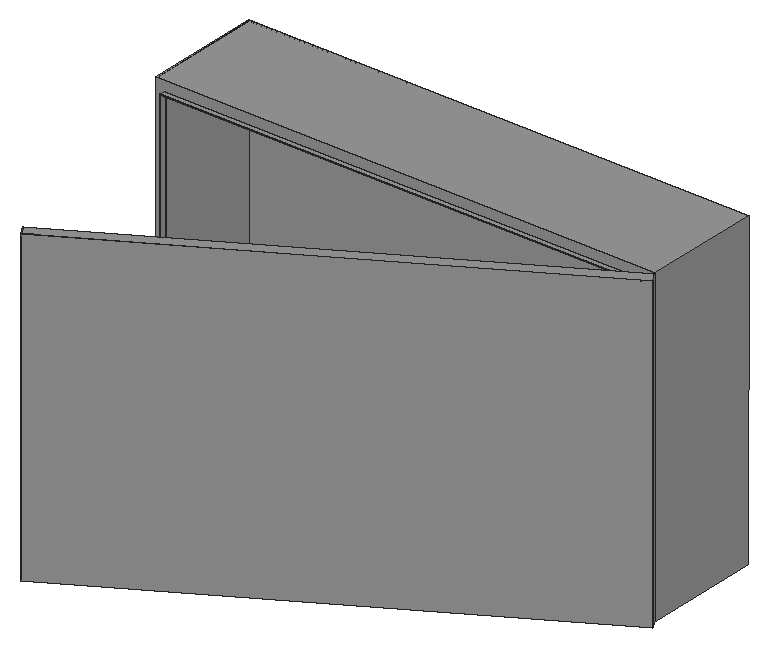
Revit family "Hager-Univers-IP54-D205-Cl.II-enclosure_metering-NoHosted-DE-de", category Equipement électrique, Revit 2020
Family settings
  Configuration du panneau = Deux colonnes, circuits au sein
  Cote de connecteur circulaire = Utiliser le diamètre
  Type d'élément = Tableau de raccordement
  Basée sur le plan de construction = Oui
  Toujours verticalement = Oui
  Couper avec des vides une fois chargée = Non
  Partagée = Non
  Point de calcul de pièce = Non
Parameters (values of type "Aufputz IP54 B800 H500 T205  - ZB013W")
  Width Control [instance] = if([EF000008 - Breite] > Min Width, [EF000008 - Breite], Min Width)  # 800 mm
  Commentaires du type = [HG000003 - Bereich]  # "Univers"
  Thickness Door [instance] = if([EF009171 - Materialstärke Tür/Deckel] > 3 mm, 3 mm, [EF009171 - Materialstärke Tür/Deckel])  # 1 mm
  Seal Frame Offset [instance] = 17 mm  # constant formula
  Plinth Visibility [instance] = [HG000027 - Sockelhöhe] > 0 mm  # no
  Min Width [instance] = 100 mm  # constant formula
  Min Depth [instance] = (2 * [EF009170 - Materialstärke Gehäuse]) + 1 mm  # 3 mm
  Min Height [instance] = 100 mm  # constant formula
  Internal Frame Depth [instance] = (Door System Depth * 0.5)  # 9 mm
  Panel Name [instance] = ""  # (empty or 0)
  Model = ""
  HG000027 - Sockelhöhe = 0 mm
  HG000026 - Stehend auf dem Boden = no
  HG000024 - Höhe des unteren Teils = 600 mm
  HG000023 - Gehäuse mit doppeltem Querschnitt = no
  HG000016 - 3D-Türsichtbarkeit [instance] = yes
  HG000015 - Sichtbarkeit der Türöffnung [instance] = no
  HG000014 - Tür rechts [instance] = yes
  HG000013 - Tür links [instance] = not([HG000014 - Tür rechts])  # no
  HG000012 - Türschwenkwinkel [instance] = 30.00°
  HG000010 - Asymmetrische Türen = no
  HG000009 - Doppelflügeligen Tür = no
  HG000006 - Unterputz = no
  HG000004 - Herstellerreferenz = "ZB013W"
  HG000003 - Bereich = "Univers"
  HG000002 - Mit tür = yes
  Frame Offset Bottom [instance] = 10 mm  # constant formula
  Frame Offset [instance] = 15 mm  # constant formula
  EF015940 - Deckel mit Überdruckentlastung = no
  EF011959 - Schutzart (NEMA) = ""
  EF009554 - Anzahl der Öffnungen für Flanschplatten = 0
  EF009212 - Ausführung Deckel = "EV000116 - geschlossen"
  EF009171 - Materialstärke Tür/Deckel = 1 mm
  EF009170 - Materialstärke Gehäuse = 1 mm
  EF008873 - Nennstrom (In) = 0 A
  EF007800 - Geeignet für Blitzschutz = no
  EF006306 - Mit Schloss = no
  EF006244 - Transparenter Deckel/Tür = no
  EF005474 - Schutzart (IP) = "EV006419 - IP54"
  EF004464 - Art der Tür = "EV003602 - Doppel"
  EF004427 - Anzahl der Module = 108
  EF004293 - Schlagfestigkeit = ""
  EF003532 - Geeignet für Außengebrauch = no
  EF002950 - Breite in Teilungseinheiten = 0
  EF001613 - Funktionserhalt = "EV000494 - ohne"
  EF001596 - Werkstoff des Gehäuses = "EV000179 - Stahl"
  EF001131 - Innentiefe = 0 mm
  EF001088 - Anbaumöglichkeit = yes
  EF000437 - Anzahl der Leitungseinführungen = 0
  EF000339 - Art der Abdeckung = "EV004216 - Tür"
  EF000266 - Anzahl der Reihen = 9
  EF000218 - Einbautiefe = 205 mm
  EF000118 - Mit Montageplatte = no
  EF000116 - RAL-Nummer = "9010"
  EF000049 - Tiefe = 205 mm
  EF000040 - Höhe = 500 mm
  EF000008 - Breite = 800 mm
  EF000007 - Farbe = "EV000202 - weiß"
  EF000003 - Montageart = "EV000384 - Aufputz"
  Door System Leaf Tolerance [instance] = 1.5 mm  # constant formula
  Door System Depth [instance] = 18 mm  # constant formula
  Door Height [instance] = Height Control - [HG000027 - Sockelhöhe]  # 500 mm
  Description = ""
  Default Elevation = 1219.2 mm
  Connector Offset [instance] = Height Control / 2  # 250 mm
  Fabricant = "Hager"  # constant formula
  Height Control [instance] = if([EF000040 - Höhe] > Min Height, [EF000040 - Höhe], Min Height)  # 500 mm
  Depth Control [instance] = if([EF000049 - Tiefe] > Min Depth, [EF000049 - Tiefe], Min Depth)  # 205 mm
  Bottom Top Plate Trim [instance] = 1.5 mm  # constant formula
  Plinth height Ctrl [instance] = if([HG000027 - Sockelhöhe] > 0 mm, [HG000027 - Sockelhöhe], 12 mm)  # 12 mm
Types (5, lengths in mm): name | Width Control | HG000004 - Herstellerreferenz | EF004464 - Art der Tür | EF004427 - Anzahl der Module | EF000266 - Anzahl der Reihen | EF000008 - Breite
  Aufputz IP54 B1050 H500 T205  - ZB014W | 1050 | "ZB014W" | "EV002646 - Einzel" | 144 | 12 | 1050
  Aufputz IP54 B1300 H500 T205  - ZB015W | 1300 | "ZB015W" | "EV002646 - Einzel" | 180 | 15 | 1300
  Aufputz IP54 B300 H500 T205  - ZB011W | 300 | "ZB011W" | "EV002646 - Einzel" | 36 | 3 | 300
  Aufputz IP54 B550 H500 T205  - ZB012W | 550 | "ZB012W" | "EV002646 - Einzel" | 96 | 8 | 550
  Aufputz IP54 B800 H500 T205  - ZB013W | 800 | "ZB013W" | "EV003602 - Doppel" | 108 | 9 | 800
Reference planes
  plane 1 "Center (Front/Back)": y = 0
  plane 2: z = 0
  plane 3 "Center (Left/Right)": x = 0
  plane 4: y = 0
  plane 5: y = 0
  plane 6: z = 0
  plane 7: x = -400
  plane 8: x = 400
  plane 9: x = 399
  plane 10: x = -399
  plane 11: z = 0
  plane 12: z = 1
  plane 13: y = -205
  plane 14: y = -1
  plane 15: x = 0
  plane 16: y = -187
  plane 17: y = -204
  plane 18: y = -186
  plane 19: x = -384
  plane 20: x = 384
  plane 21: z = 11
  plane 22: x = -383
  plane 23: x = 383
  plane 24: z = 0
  plane 25: z = 500
  plane 26: z = 500
  plane 27: z = 484
  plane 28: z = 499
Forms (mm)
  Extrusion 1, solid, material "Hager_Steel_RAL7035_Light_Grey", detail levels medium+fine
    sketch origin (-208.679, -4572, 0) x (-1, 0, 0) y (0, -1, 0)
      loop
        line (191.321, -4385) -> (-608.679, -4385) -> (-608.679, -4572) -> (191.321, -4572) -> (191.321, -4385)
    from 0 to 500
  Extrusion 2, void
    sketch origin (-350.771, -205, 1219.2) x (1, 0, 0) y (0, 0, 1)
      loop
        line (-48.229, -720.2) -> (-48.229, -1218.2) -> (749.771, -1218.2) -> (749.771, -720.2) -> (-48.229, -720.2)
    from -19 to -204
  Extrusion 3, void
    sketch origin (-290.084, -187, 1219.2) x (1, 0, 0) y (0, 0, 1)
      loop
        line (-93.916, -1208.2) -> (674.084, -1208.2) -> (674.084, -735.2) -> (-93.916, -735.2) -> (-93.916, -1208.2)
    from 0 to -1
  Extrusion 4, solid, material "Hager_Steel_RAL7035_Light_Grey", visible <- "Plinth Visibility", detail levels medium+fine
    sketch origin (0, 0, 0) x (1, 0, 0) y (0, 1, 0)
      loop
        line (-400, 0) -> (-400, -187) -> (400, -187) -> (400, 0) -> (-400, 0)
    from 0 to 12 <- "Plinth height Ctrl"
  Extrusion 5, solid, material "Hager_Steel_RAL7035_Light_Grey", detail levels coarse
    sketch origin (0, 0, 0) x (1, 0, 0) y (0, 1, 0)
      loop
        line (-400, 0) -> (-400, -205) -> (400, -205) -> (400, 0) -> (-400, 0)
    from 0 to 500 <- "Height Control"
  Sweep 6, void
    path in 3D
      loop
        line (-400, -187, 12) -> (400, -187, 12) -> (400, 0, 12) -> (-400, 0, 12) -> (-400, -187, 12)
    profile origin (-400, -93.5, 12) x (1, 0, 0) y (0, 0, 1)
      loop
        line (0, 0) -> (0, -1.5) -> (1.5, -1.5)
        arc (1.5, -1.5) -> (1.061, -0.439) -> (0, 0) r 1.5
  Extrusion 7, solid, material "Hager_Steel_RAL7035_Light_Grey", detail levels fine
    sketch origin (-400, -187, 0) x (1, 0, 0) y (0, 0, 1)
      loop
        line (16, 11) -> (784, 11) -> (784, 484) -> (16, 484) -> (16, 11)
      loop
        line (15, 10) -> (785, 10) -> (785, 485) -> (15, 485) -> (15, 10)
    from 0 to 9 <- "Internal Frame Depth"
Cuts and joins
  Extrusion 2, Extrusion 3 cuts Extrusion 1
  Sweep 6 cuts Extrusion 4
Lines and regions (mm)
  Masking region 1
    outline origin (0, 0, 0) x (1, 0, 0) y (0, 1, 0)
      loop
        line (-400, 0) -> (-400, -205) -> (400, -205) -> (400, 0) -> (-400, 0)
  Masking region 2, detail levels coarse
    outline origin (-290.084, -187, 1219.2) x (-1, 0, 0) y (0, 0, 1)
      loop
        line (-690.084, -1219.2) -> (109.916, -1219.2) -> (109.916, -719.2) -> (-690.084, -719.2) -> (-690.084, -1219.2)
  Masking region 3, detail levels coarse
    outline origin (0, 0, 0) x (0, 1, 0) y (0, 0, 1)
      loop
        line (0, 0) -> (0, 500) -> (-205, 500) -> (-205, 0) -> (0, 0)
  Masking region 4, visible <- "Plinth Visibility", detail levels medium+fine
    outline origin (0, 0, 0) x (0, 1, 0) y (0, 0, 1)
      loop
        line (-1.5, 12) -> (-185.5, 12)
        arc (-185.5, 12) -> (-185.939, 10.939) -> (-187, 10.5) r 1.5
        line (-187, 10.5) -> (-187, 0) -> (0, 0) -> (0, 10.5)
        arc (0, 10.5) -> (-1.061, 10.939) -> (-1.5, 12) r 1.5
  Masking region 5, detail levels medium+fine
    outline origin (0, 0, 594.038) x (0, 1, 0) y (0, 0, 1)
      loop
        line (0, -594.038) -> (0, -94.038) -> (-187, -94.038) -> (-187, -594.038) -> (0, -594.038)
  Masking region 6, detail levels medium+fine
    outline origin (-359.7, -187, 1211.883) x (-1, 0, 0) y (0, 0, 1)
      loop
        line (-759.7, -1211.883) -> (40.3, -1211.883) -> (40.3, -711.883) -> (-759.7, -711.883) -> (-759.7, -1211.883)
  Masking region 7, visible <- "Plinth Visibility", detail levels medium+fine
    outline origin (-320.334, -187, 1041.368) x (-1, 0, 0) y (0, 0, 1)
      loop
        line (-720.334, -1041.368) -> (79.666, -1041.368) -> (79.666, -1030.868)
        arc (79.666, -1030.868) -> (78.606, -1030.429) -> (78.166, -1029.368) r 1.5
        line (78.166, -1029.368) -> (-718.834, -1029.368)
        arc (-718.834, -1029.368) -> (-719.273, -1030.429) -> (-720.334, -1030.868) r 1.5
        line (-720.334, -1030.868) -> (-720.334, -1041.368)
  sketch lines
    curve 1: line (-400, 0, 12) -> (-400, -187, 12)
    curve 2: line (-400, -187, 12) -> (400, -187, 12)
    curve 3: line (400, 0, 12) -> (-400, 0, 12)
    curve 4: line (400, -187, 12) -> (400, 0, 12)
Dimensions and locks
  locked: plane 1 "Center (Front/Back)" to plane 5
  "EF009170 - Materialstärke Gehäuse": plane 7 to plane 10
  "EF009170 - Materialstärke Gehäuse": plane 8 to plane 9
  equal spacing: plane 7, plane 3 "Center (Left/Right)", plane 8
  "Width Control": plane 7 to plane 8
  "Depth Control": plane 4 to plane 13
  "EF009170 - Materialstärke Gehäuse": plane 4 to plane 14
  "Height Control": plane 25 to level
  "HG000027 - Sockelhöhe": plane 11 to level
  "EF009170 - Materialstärke Gehäuse": plane 12 to plane 11
  "EF009170 - Materialstärke Gehäuse": plane 17 to plane 13
  "EF009170 - Materialstärke Gehäuse": plane 18 to plane 16
  "Frame Offset Bottom": plane 21 to plane 12
  "Frame Offset": plane 10 to plane 19
  "Frame Offset": plane 9 to plane 20
  "Door System Depth": plane 16 to plane 13
  "Seal Frame Offset": plane 7 to plane 22
  "Seal Frame Offset": plane 8 to plane 23
  "EF009170 - Materialstärke Gehäuse": plane 26 to plane 28
  "Frame Offset": plane 28 to plane 27
  "Connector Offset": plane 2 to connector elem
  "Bottom Top Plate Trim": profile plane to Sweep 6 sketch curve
  "Bottom Top Plate Trim": Sweep 6 sketch curve to Sweep 6 sketch curve
  "Plinth height Ctrl": Masking region 4 sketch curve to level
  "Plinth height Ctrl": Masking region 7 sketch curve to level
  "Thickness Door": Extrusion 7 sketch curve to Extrusion 7 sketch curve  (x4)
  "Bottom Top Plate Trim": radius of Sweep 6 sketch curve
  "Bottom Top Plate Trim": radius of Masking region 4 sketch curve  (x2)
  "Bottom Top Plate Trim": radius of Masking region 7 sketch curve  (x2)
  aligned and locked: Extrusion 2 sketch curve to plane 12
  aligned and locked: Extrusion 2 sketch curve to plane 9
  aligned and locked: Extrusion 2 sketch curve to plane 10
  aligned and locked: Extrusion 2 to plane 14
  aligned and locked: Extrusion 1 sketch curve to plane 4
  aligned and locked: plane 8 to Extrusion 1 sketch curve
  aligned and locked: plane 7 to Extrusion 1 sketch curve
  aligned and locked: Extrusion 2 to plane 18
  aligned and locked: plane 19 to Extrusion 3 sketch curve
  aligned and locked: plane 20 to Extrusion 3 sketch curve
  aligned and locked: Extrusion 3 to Extrusion 2
  aligned and locked: Extrusion 3 sketch curve to plane 21
  aligned and locked: plane 3 "Center (Left/Right)" to nested 1
  aligned and locked: Extrusion 1 sketch curve to plane 16
  aligned and locked: Extrusion 4 sketch curve to cut or joined group of Extrusion 1, Extrusion 2, Extrusion 3
  aligned and locked: Masking region 1 sketch curve to plane 7
  aligned and locked: Masking region 1 sketch curve to plane 5
  aligned and locked: Masking region 1 sketch curve to plane 8
  aligned and locked: Masking region 2 sketch curve to level
  aligned and locked: level to Masking region 3 sketch curve
  aligned and locked: plane 1 "Center (Front/Back)" to Masking region 3 sketch curve
  aligned and locked: plane 13 to Masking region 3 sketch curve
  aligned and locked: plane 5 to Masking region 4 sketch curve
  aligned and locked: Masking region 2 sketch curve to plane 8
  aligned and locked: Masking region 2 sketch curve to plane 7
  aligned and locked: plane 7 to nested 2
  aligned and locked: nested 2 to plane 5
  aligned and locked: plane 5 to Masking region 5 sketch curve
  aligned and locked: plane 26 to Masking region 5 sketch curve
  aligned and locked: Extrusion 5 sketch curve to plane 8
  aligned and locked: Extrusion 5 sketch curve to plane 7
  aligned and locked: Extrusion 5 sketch curve to plane 5
  aligned and locked: Extrusion 3 sketch curve to plane 27
  aligned and locked: Extrusion 2 sketch curve to plane 28
  aligned and locked: Masking region 2 to plane 25
  aligned and locked: Extrusion 4 to plane 16
  aligned and locked: profile plane to Sweep 6 sketch curve
  aligned and locked: Masking region 5 sketch curve to plane 24
  aligned and locked: level to Masking region 4 sketch curve
  aligned and locked: Masking region 1 to plane 13
  aligned and locked: nested 1 to plane 16
  aligned and locked: Masking region 3 to plane 25
  aligned and locked: plane 16 to Masking region 4 sketch curve
  aligned and locked: Masking region 5 sketch curve to plane 16
  aligned and locked: plane 24 to plane 11
  aligned and locked: plane 26 to plane 25
  aligned and locked: plane 26 to cut or joined group of Extrusion 1, Extrusion 2, Extrusion 3
  aligned and locked: nested 1 to plane 24
  aligned and locked: Extrusion 1 to Extrusion 3
  aligned and locked: Masking region 6 sketch curve to plane 8
  aligned and locked: Masking region 6 sketch curve to plane 24
  aligned and locked: Masking region 6 sketch curve to plane 7
  aligned and locked: Masking region 6 sketch curve to plane 26
  aligned and locked: Masking region 7 sketch curve to plane 7
  aligned and locked: level to Masking region 7 sketch curve
  aligned and locked: Masking region 7 sketch curve to plane 8
  aligned and locked: Extrusion 7 sketch curve to cut or joined group of Extrusion 1, Extrusion 2, Extrusion 3  (x4)
Automatic sketch dimensions
  plane 19 to Extrusion 3 sketch curve = 0 mm
  Extrusion 3 sketch curve to plane 20 = 0 mm
  Extrusion 3 sketch curve to plane 21 = 0 mm
  Extrusion 4 sketch curve to plane 7 = 0 mm
  Extrusion 4 sketch curve to plane 8 = 0 mm
  Extrusion 4 sketch curve to plane 16 = 0 mm
  Masking region 1 sketch curve to plane 13 = 0 mm
  Masking region 2 sketch curve to plane 25 = 0 mm
  Masking region 3 sketch curve to plane 25 = 0 mm
  Extrusion 5 sketch curve to plane 13 = 0 mm
  profile plane to Sweep 6 sketch curve = 0 mm
Nested families
  nested 1: "EC000058_Univers_Door" at (0, -187, 0), Double <- "HG000009 - Doppelflügeligen Tür", Transparent <- "EF006244 - Transparenter Deckel/Tür", Angle <- "HG000012 - Türschwenkwinkel", Door_Right <- "HG000014 - Tür rechts", Assymetrical <- "HG000010 - Asymmetrische Türen", Door <- "HG000002 - Mit tür", Width_Ctrl <- "Width Control", 3d_Door <- "HG000016 - 3D-Türsichtbarkeit", Clearance <- "HG000015 - Sichtbarkeit der Türöffnung", Door_Left <- "HG000013 - Tür links", Width <- "Width Control", Door_Depth <- "Door System Depth", Leaf_Tolerance <- "Door System Leaf Tolerance", Height <- "Door Height", Lock_Visibility <- "EF006306 - Mit Schloss", Thickness <- "Thickness Door", type "EC000058_Univers_Door", detail levels medium+fine
    with min_wh 3 mm, Width_Ctrl 800 mm, Width 800 mm, Transparent no, Thickness 1 mm, Seal_Material Hager_Rubber, Lock_Visibility no, Lock_Material Hager_Plastic_RAL9005_Jet_Black, Leaf_Width 800 mm, Leaf_Tolerance_External_Sides 0 mm, Leaf_Tolerance 1.5 mm, Leaf_Offset 0 mm, Leaf_Height 497 mm, Leaf_2_Width 800 mm, Leaf_2_Offset 400 mm, Leaf_1_Width 800 mm, Leaf_1_Offset 400 mm, Height_Ctrl 500 mm, Height 500 mm, Glass_Material Hager_Glass, Double_Clearance_Ctrl no, Double no, Door_Right_Ctrl yes, Door_Right yes, Door_Material Hager_Steel_RAL7035_Light_Grey, Door_Left_Ctrl no, Door_Left no, Door_Depth 18 mm, Door yes, Clearance_Material Hager_Clearance, Clearance_Depth 800 mm, Clearance_Ctrl no, Clearance no, Assymetrical no, Angle 30.00°, 3d_Door yes
  nested 2: "Hager_Enclosure_Symbol" at (-400, 0, 0), Height <- "Depth Control", Width <- "Width Control", type "Hager_Enclosure_Symbol"
    with Width_Ctrl 800 mm, Width 800 mm, Height_Ctrl 205 mm, Height 205 mm, A_Width_Int 13.453 mm, A_Width 161.438 mm, A_Height_Ctrl 179.375 mm, A_Height 179.375 mm
Connectors
  electrical at (0, 0, 250)
    settings: on plane 1 "Center (Front/Back)", index 1, voltage 0 V, apparent load 0 VA, apparent load phase1 0 VA, apparent load phase2 0 VA, apparent load phase3 0 VA, power factor 1, load classification "Other", number of poles 1, system type 30, power factor state 1, is connector primary yes, connector utility no, sub classification motor no, connector description ""
Definition of nested family "EC000058_Univers_Door"
  Parameters (values of type "EC000058_Univers_Door")
    min_wh [instance] = (2 * Thickness) + 1 mm  # 11 mm
    Width_Ctrl [instance] = 400 mm
    Width [instance] = 500 mm
    Transparent [instance] = yes
    Thickness [instance] = 5 mm
    Seal_Material [instance] = none
    Lock_Visibility [instance] = yes
    Lock_Material [instance] = none
    Leaf_Width [instance] = if((Width_Ctrl - 2 * Leaf_Tolerance_External_Sides) > 0 mm, (Width_Ctrl - 2 * Leaf_Tolerance_External_Sides), min_wh)  # 400 mm
    Leaf_Tolerance_External_Sides [instance] = 0 mm  # constant formula
    Leaf_Tolerance [instance] = 1.5 mm
    Leaf_Offset [instance] = 0 mm  # constant formula
    Leaf_Height [instance] = if((Height_Ctrl - 2 * Leaf_Tolerance) > 0 mm, (Height_Ctrl - 2 * Leaf_Tolerance), min_wh)  # 497 mm
    Leaf_2_Width [instance] = if(and(and(Double, Assymetrical), Door_Left), (Leaf_Width / 3) - (Leaf_Tolerance / 2), if(and(and(Double, Assymetrical), Door_Right), (Leaf_Width / 3) * 2 - (Leaf_Tolerance / 2), if(and(Double, not(Assymetrical)), (Leaf_Width / 2) - Leaf_Tolerance, Leaf_Width)))  # 400 mm
    Leaf_2_Offset [instance] = if(and(Double, Assymetrical), Leaf_2_Width / 2, if(and(Double, not(Assymetrical)), Leaf_Width / 4, Leaf_Width / 2))  # 200 mm
    Leaf_1_Width [instance] = if(and(and(Double, Assymetrical), Door_Right), (Leaf_Width / 3) - (Leaf_Tolerance / 2), if(and(and(Double, Assymetrical), Door_Left), (Width / 3) * 2 - (Leaf_Tolerance / 2), if(and(Double, not(Assymetrical)), (Leaf_Width / 2) - Leaf_Tolerance, Leaf_Width)))  # 400 mm
    Leaf_1_Offset [instance] = if(and(Double, Assymetrical), Leaf_1_Width / 2, if(and(Double, not(Assymetrical)), Leaf_Width / 4, Leaf_Width / 2))  # 200 mm
    Height_Ctrl [instance] = if(Height > min_wh, Height, min_wh)  # 500 mm
    Height [instance] = 500 mm
    Glass_Material [instance] = none
    Double_Clearance_Ctrl [instance] = and(Double, Clearance)  # no
    Double [instance] = no
    Door_Right_Ctrl [instance] = and(or(Door_Right, Double), Door)  # yes
    Door_Right [instance] = yes
    Door_Material [instance] = none
    Door_Left_Ctrl [instance] = and(or(Door_Left, Double), Door)  # no
    Door_Left [instance] = no
    Door_Depth [instance] = 30 mm
    Door [instance] = yes
    Default Elevation = 1219.2 mm
    Clearance_Material [instance] = none
    Clearance_Depth [instance] = if(Leaf_1_Width > Leaf_2_Width, Leaf_1_Width, Leaf_2_Width)  # 400 mm
    Clearance_Ctrl [instance] = and(not(Double), Clearance)  # yes
    Clearance [instance] = yes
    Assymetrical [instance] = yes
    Angle [instance] = 30.00°
    3d_Door [instance] = yes
  Reference planes
    plane 1 "Center (Front/Back)": y = 0
    plane 2 "Bottom": z = 0
    plane 3 "Center (Left/Right)": x = 0
    plane 4: z = 500
    plane 5: x = -200
    plane 6: x = 200
    plane 7: z = 500
    plane 8: x = -200
    plane 9: z = 0
    plane 10: x = 200
    plane 11: y = 0
    plane 12: z = 1.5
    plane 13: x = -600
    plane 14: y = -400
    plane 15: x = 600
    plane 16: x = 0
    plane 17: x = 0
    plane 18: x = -200
    plane 19: x = 200
    plane 20: z = 498.5
  Forms (mm)
    Extrusion 1, solid, material <- "Clearance_Material", visible <- "Double_Clearance_Ctrl"
      sketch origin (1200, 0, 0) x (1, 0, 0) y (0, 0, -1)
        loop
          line (-1800, -498.5) -> (-600, -498.5) -> (-600, 0) -> (-1800, 0) -> (-1800, -498.5)
      from 0 to -400
  Dimensions and locks
    equal spacing: plane 5, plane 3 "Center (Left/Right)", plane 6
    "Width_Ctrl": plane 5 to plane 6
    "Leaf_Offset": plane 5 to plane 8
    "Leaf_Offset": plane 6 to plane 10
    "Leaf_Offset": plane 9 to level
    "Leaf_Offset": plane 4 to plane 7
    "Height_Ctrl": plane 4 to level
    "Leaf_Tolerance": plane 12 to plane 9
    locked: plane 11 to plane 1 "Center (Front/Back)"
    "Leaf_1_Offset": plane 18 to plane 16
    "Leaf_2_Offset": plane 17 to plane 19
    "Leaf_1_Width": plane 13 to plane 8
    "Leaf_2_Width": plane 10 to plane 15
    "Clearance_Depth": plane 14 to plane 1 "Center (Front/Back)"
    "Leaf_Tolerance_External_Sides": plane 8 to plane 18
    "Leaf_Tolerance_External_Sides": plane 19 to plane 10
    "Leaf_Tolerance": plane 7 to plane 20
    aligned and locked: level to plane 2 "Bottom"
    aligned and locked: nested 1 to plane 16
    aligned and locked: nested 2 to plane 17
    aligned and locked: Extrusion 1 to plane 13
    aligned and locked: plane 15 to Extrusion 1
    aligned and locked: Extrusion 1 to plane 14
    aligned and locked: plane 12 to nested 1
    aligned and locked: nested 2 to plane 12
    aligned and locked: Extrusion 1 to plane 11
    aligned and locked: plane 20 to Extrusion 1
    aligned and locked: nested 2 to plane 11
    aligned and locked: nested 1 to plane 11
  Automatic sketch dimensions
    Extrusion 1 sketch curve to level = 0 mm
    plane 5 to Extrusion 1 sketch curve = 400 mm
    plane 6 to Extrusion 1 sketch curve = 400 mm
    Extrusion 1 sketch curve to plane 4 = 1.5 mm
  Nested families
    nested 1: "EC000058_Univers_Door_Leaf" at (0, 0, 1.5), Width <- "Leaf_1_Width", visible <- "Door_Left_Ctrl", Leaf_Height <- "Leaf_Height", Angle <- "Angle", 3d_Door <- "3d_Door", Transparent <- "Transparent", Clearance Material <- "Clearance_Material", Clearance <- "Clearance_Ctrl", Door_Material <- "Door_Material", Glass_Material <- "Glass_Material", Door_Depth <- "Door_Depth", Lock_Material <- "Lock_Material", Seal_Material <- "Seal_Material", Lock_Visibility <- "Lock_Visibility", Thickness <- "Thickness", type "EC000058_Univers_Door_Leaf"
      with Width 400 mm, Transparent_Glass_Offset 30 mm, Transparent_Ctrl yes, Transparent yes, Thickness 5 mm, Standard no, Seal_Material none, Seal_D2 8 mm, Seal_D1 1 mm, Offset_Internal_Frame 10 mm, Lock_Width 20 mm, Lock_Visibility_3d yes, Lock_Visibility yes, Lock_Thickness_3 3 mm, Lock_Thickness_2 1 mm, Lock_Thickness_1 3 mm, Lock_Radius_Offset_2 16 mm, Lock_Radius_Offset_1 15 mm, Lock_Radius_2 5 mm, Lock_Radius 6 mm, Lock_Offset 5 mm, Lock_Material none, Lock_Height 80 mm, Lock_Cover_Top_Offset_2d 17 mm, Lock_Cover_Height -65 mm, Leaf_Height 497 mm, Internal_Seal_Thickness 8 mm, Internal_Seal_Depth_2 4.5 mm, Internal_Frame_Depth 25 mm, Glass_Thickness -1 mm, Glass_Offset -2 mm, Glass_Material none, Door_Material none, Door_Depth 30 mm, Clearance Material none, Clearance yes, Angle_Ctrl 30.00°, Angle 30.00°, 3d_Door yes
    nested 2: "EC000058_Univers_Door_Leaf" at (0, 0, 1.5) x (-1, 0, 0) z (0, 0, 1), Width <- "Leaf_2_Width", visible <- "Door_Right_Ctrl", Leaf_Height <- "Leaf_Height", Angle <- "Angle", 3d_Door <- "3d_Door", Transparent <- "Transparent", Clearance Material <- "Clearance_Material", Clearance <- "Clearance_Ctrl", Door_Material <- "Door_Material", Glass_Material <- "Glass_Material", Door_Depth <- "Door_Depth", Lock_Material <- "Lock_Material", Seal_Material <- "Seal_Material", Lock_Visibility <- "Lock_Visibility", Thickness <- "Thickness", type "EC000058_Univers_Door_Leaf"
      with Width 400 mm, Transparent_Glass_Offset 30 mm, Transparent_Ctrl yes, Transparent yes, Thickness 5 mm, Standard no, Seal_Material none, Seal_D2 8 mm, Seal_D1 1 mm, Offset_Internal_Frame 10 mm, Lock_Width 20 mm, Lock_Visibility_3d yes, Lock_Visibility yes, Lock_Thickness_3 3 mm, Lock_Thickness_2 1 mm, Lock_Thickness_1 3 mm, Lock_Radius_Offset_2 16 mm, Lock_Radius_Offset_1 15 mm, Lock_Radius_2 5 mm, Lock_Radius 6 mm, Lock_Offset 5 mm, Lock_Material none, Lock_Height 80 mm, Lock_Cover_Top_Offset_2d 17 mm, Lock_Cover_Height -65 mm, Leaf_Height 497 mm, Internal_Seal_Thickness 8 mm, Internal_Seal_Depth_2 4.5 mm, Internal_Frame_Depth 25 mm, Glass_Thickness -1 mm, Glass_Offset -2 mm, Glass_Material none, Door_Material none, Door_Depth 30 mm, Clearance Material none, Clearance yes, Angle_Ctrl 30.00°, Angle 30.00°, 3d_Door yes
  Definition of nested family "EC000058_Univers_Door_Leaf"
    Parameters (values of type "EC000058_Univers_Door_Leaf")
      Width [instance] = 2000 mm
      Transparent_Glass_Offset [instance] = 30 mm
      Transparent_Ctrl [instance] = and(Transparent, [3d_Door])  # yes
      Transparent [instance] = yes
      Thickness [instance] = 5 mm
      Standard [instance] = and(not(Transparent), [3d_Door])  # no
      Seal_Material [instance] = none
      Seal_D2 [instance] = 8 mm  # constant formula
      Seal_D1 [instance] = 1 mm  # constant formula
      Offset_Internal_Frame [instance] = 10 mm  # constant formula
      Lock_Width [instance] = 20 mm  # constant formula
      Lock_Visibility_3d [instance] = and(Lock_Visibility, [3d_Door])  # yes
      Lock_Visibility [instance] = yes
      Lock_Thickness_3 [instance] = 3 mm  # constant formula
      Lock_Thickness_2 [instance] = 1 mm  # constant formula
      Lock_Thickness_1 [instance] = 3 mm  # constant formula
      Lock_Radius_Offset_2 [instance] = Lock_Radius_Offset_1 + 1 mm  # 16 mm
      Lock_Radius_Offset_1 [instance] = 15 mm  # constant formula
      Lock_Radius_2 [instance] = Lock_Radius - 1 mm  # 5 mm
      Lock_Radius [instance] = 6 mm  # constant formula
      Lock_Offset [instance] = 5 mm  # constant formula
      Lock_Material [instance] = none
      Lock_Height [instance] = 80 mm  # constant formula
      Lock_Cover_Top_Offset_2d [instance] = Lock_Radius_Offset_2 + 1 mm  # 17 mm
      Lock_Cover_Height [instance] = -(Lock_Height - Lock_Radius_Offset_1)  # -65 mm
      Leaf_Height [instance] = 2720.336 mm
      Internal_Seal_Thickness [instance] = 8 mm  # constant formula
      Internal_Seal_Depth_2 [instance] = 4.5 mm  # constant formula
      Internal_Frame_Depth [instance] = if(Door_Depth - Thickness > 5 mm, Door_Depth - Thickness, 5 mm)  # 25 mm
      Glass_Thickness [instance] = if(Thickness > 15 mm, Glass_Offset + 10 mm, -1 mm)  # -1 mm
      Glass_Offset [instance] = if(Thickness > 15 mm, -(Thickness + 10 mm) / 2, -2 mm)  # -2 mm
      Glass_Material [instance] = none
      Door_Material [instance] = none
      Door_Depth [instance] = 30 mm
      Default Elevation = 0 mm
      Clearance Material [instance] = none
      Clearance [instance] = yes
      Angle_Ctrl [instance] = if(Angle > 180.00°, 180.00°, Angle)  # 90.00°
      Angle [instance] = 90.00°
      3d_Door [instance] = yes
    Reference planes
      plane 1 "Center (Front/Back)": y = 0
      plane 2: z = 0
      plane 3 "Center (Left/Right)": x = 0
      plane 4: y = 2000
      plane 5: x = -1000
      plane 6: x = 1000
      plane 7: x = -3000
      plane 8: z = 2720.336
      plane 9: z = 30
      plane 10: z = 2690.336
      plane 11: x = 970
      plane 12: x = -970
      plane 13: y = -3
      plane 14: z = 107.833
      plane 15: y = -5
      plane 16: y = -223.314
      plane 17: x = -1000
      plane 18: z = 1360.168
      plane 19: y = 30
    Forms (mm)
      Extrusion 1, solid, material <- "Clearance Material", visible <- "Clearance"
        sketch origin (0, 0, 0) x (1, 0, 0) y (0, 0, 1)
          loop
            line (-3000, 2720.336) -> (-3000, 0) -> (1000, 0) -> (1000, 2720.336) -> (-3000, 2720.336)
        from 0 to -2000
      Extrusion 2, solid, material <- "Door_Material", visible <- "Standard", detail levels medium+fine
        sketch origin (-1000, 0, 0) x (0, 1, 0) y (-1, 0, 0)
          loop
            line (0, 30) -> (0, 25) -> (2000, 25) -> (2000, 30) -> (0, 30)
        from 0 to 2720.336 <- "Leaf_Height"
      Extrusion 3, solid, material <- "Door_Material", visible <- "Transparent_Ctrl", detail levels medium+fine
        sketch origin (-1000, 0, 0) x (0, 1, 0) y (-1, 0, 0)
          loop
            line (0, 25) -> (2000, 25) -> (2000, 30) -> (0, 30) -> (0, 25)
        from 0 to 2720.336 <- "Leaf_Height"
      Extrusion 4, void
        sketch origin (-1025, 2000, 0) x (0, 1, 0) y (0, 0, -1)
          loop
            line (-30, -2690.336) -> (-30, -30) -> (-1970, -30) -> (-1970, -2690.336) -> (-30, -2690.336)
        from 0 to 5 <- "Thickness"
      Sweep 5, solid, material <- "Seal_Material", visible <- "Transparent_Ctrl", detail levels fine
        path in 3D
          loop
            line (-1025, 30, 30) -> (-1025, 30, 2690.336) -> (-1025, 1970, 2690.336) -> (-1025, 1970, 30) -> (-1025, 30, 30)
        profile origin (-1025, 1000, 30) x (1, 0, 0) y (0, 0, 1)
          loop
            line (0, 0) -> (0, -8) -> (1, -8) -> (1, 0) -> (0, 0)
      Extrusion 6, solid, material <- "Glass_Material", visible <- "Transparent_Ctrl", detail levels medium+fine
        sketch origin (-1030, 0, 0) x (0, 1, 0) y (0, 0, -1)
          loop
            line (1970, -2690.336) -> (1970, -30) -> (30, -30) -> (30, -2690.336) -> (1970, -2690.336)
        from -2 <- "Glass_Offset" to -1 <- "Glass_Thickness"
      Extrusion 7, solid, material <- "Door_Material", visible <- "3d_Door", detail levels medium+fine
        sketch origin (-1025, 2000, 0) x (0, -1, 0) y (0, 0, -1)
          loop
            line (0, -2720.336) -> (2000, -2720.336) -> (2000, 0) -> (0, 0) -> (0, -2720.336)
          loop
            line (1995, -5) -> (5, -5) -> (5, -2715.336) -> (1995, -2715.336) -> (1995, -5)
        from 0 to 25 <- "Internal_Frame_Depth"
      Sweep 8, solid, material <- "Seal_Material", visible <- "Transparent_Ctrl", detail levels fine
        path in 3D
          loop
            line (-1025, 0, 0) -> (-1025, 2000, 0) -> (-1025, 2000, 2720.336) -> (-1025, 0, 2720.336) -> (-1025, 0, 0)
        profile origin (-1025, 0, 1360.168) x (1, 0, 0) y (0, 1, 0)
          loop
            line (0, 10) -> (2.975, 10)
            arc (2.975, 10) -> (4.053, 10.447) -> (4.5, 11.525) r 1.525
            line (4.5, 11.525) -> (4.5, 16.527)
            arc (4.5, 16.527) -> (4.069, 17.569) -> (3.027, 18) r 1.473
            line (3.027, 18) -> (0, 18) -> (0, 10)
      Extrusion 9, solid, material <- "Lock_Material", visible <- "Lock_Visibility_3d", detail levels fine
        sketch origin (-1030, 0, 0) x (0, 1, 0) y (0, 0, -1)
          loop
            arc (1993.5, -1400.168) -> (1994.561, -1399.729) -> (1995, -1398.668) r 1.5
            line (1995, -1398.668) -> (1995, -1320.168) -> (1975, -1320.168) -> (1975, -1398.668)
            arc (1975, -1398.668) -> (1975.439, -1399.729) -> (1976.5, -1400.168) r 1.5
            line (1976.5, -1400.168) -> (1993.5, -1400.168)
        from 3 <- "Lock_Thickness_1" to 0
      Blend 10, solid, material <- "Lock_Material", visible <- "Lock_Visibility_3d", detail levels fine
        base sketch origin (-1033, 0, 0) x (0, 1, 0) y (0, 0, -1)
          loop
            line (1975, -1320.168) -> (1975, -1398.668)
            arc (1975, -1398.668) -> (1975.439, -1399.729) -> (1976.5, -1400.168) r 1.5
            line (1976.5, -1400.168) -> (1993.5, -1400.168)
            arc (1993.5, -1400.168) -> (1994.561, -1399.729) -> (1995, -1398.668) r 1.5
            line (1995, -1398.668) -> (1995, -1320.168) -> (1975, -1320.168)
        top sketch origin (-1033, 0, 0) x (0, 1, 0) y (0, 0, -1)
          loop
            line (1976, -1320.168) -> (1976, -1398.668)
            arc (1976, -1398.668) -> (1976.146, -1399.022) -> (1976.5, -1399.168) r 0.5
            line (1976.5, -1399.168) -> (1993.5, -1399.168)
            arc (1993.5, -1399.168) -> (1993.854, -1399.022) -> (1994, -1398.668) r 0.5
            line (1994, -1398.668) -> (1994, -1320.168) -> (1976, -1320.168)
        from 0 to 1 <- "Lock_Thickness_2"
      Blend 11, solid, material <- "Lock_Material", visible <- "Lock_Visibility_3d", detail levels fine
        base sketch origin (-1034, 0, 0) x (0, 1, 0) y (0, 0, -1)
          loop
            line (1978, -1320.168) -> (1978, -1384.168)
            arc (1978, -1384.168) -> (1985, -1391.168) -> (1992, -1384.168) r 7
            line (1992, -1384.168) -> (1992, -1320.168) -> (1978, -1320.168)
        top sketch origin (-1034, 0, 0) x (0, 1, 0) y (0, 0, -1)
          loop
            line (1991, -1320.168) -> (1979, -1320.168) -> (1979, -1383.168)
            arc (1979, -1383.168) -> (1985, -1389.168) -> (1991, -1383.168) r 6
            line (1991, -1383.168) -> (1991, -1320.168)
        from 0 to 3 <- "Lock_Thickness_3"
      Extrusion 12, solid, material <- "Lock_Material", visible <- "Lock_Visibility_3d", detail levels fine
        sketch origin (-1030, 1975, 1320.168) x (1, 0, 0) y (0, -1, 0)
          loop
            line (-7, -19) -> (-7, -1) -> (0, -1) -> (0, 0) -> (-8, 0) -> (-8, -20) -> (0, -20) -> (0, -19) -> (-7, -19)
        from 0 to -65 <- "Lock_Cover_Height"
      Extrusion 13, void
        sketch origin (-1038, 1995, 1320.168) x (-1, 0, 0) y (0, 0, -1)
          loop
            line (-5, -65) -> (0, -65) -> (-5, -60) -> (-5, -65)
        from 0 to 20 <- "Lock_Width"
      Extrusion 14, void
        sketch origin (-1038, 1975, 1320.168) x (0, -1, 0) y (0, 0, -1)
          loop
            circle (-10, -15.995) r 6
          loop
            circle (-10, -15.995) r 5
        from 0 to 2
      Extrusion 15, solid, material <- "Lock_Material", visible <- "Lock_Visibility_3d", detail levels medium
        sketch origin (-1030, 0, 0) x (0, 1, 0) y (0, 0, -1)
          loop
            arc (1993.5, -1400.168) -> (1994.561, -1399.729) -> (1995, -1398.668) r 1.5
            line (1995, -1398.668) -> (1995, -1320.168) -> (1975, -1320.168) -> (1975, -1398.668)
            arc (1975, -1398.668) -> (1975.439, -1399.729) -> (1976.5, -1400.168) r 1.5
            line (1976.5, -1400.168) -> (1993.5, -1400.168)
        from 8 to 0
    Cuts and joins
      Extrusion 4 cuts Extrusion 3
      Extrusion 13, Extrusion 14 cuts Extrusion 9
      Extrusion 14 cuts Blend 11
      Extrusion 13, Extrusion 14 cuts Extrusion 12
      joined: Extrusion 9, Blend 10, Blend 11, Extrusion 12
      Extrusion 14 cuts Extrusion 15
    Lines and regions (mm)
      Masking region 1, visible <- "Lock_Visibility", detail levels fine
        outline origin (0, 0, 0) x (0, 1, 0) y (0, 0, 1)
          loop
            line (30, 1320.168) -> (33, 1320.168) -> (33, 1400.168) -> (30, 1400.168) -> (30, 1320.168)
      Masking region 2, visible <- "Lock_Visibility", detail levels fine
        outline origin (0, 3.143, 0) x (0, 1, 0) y (0, 0, 1)
          loop
            line (29.857, 1354.168) -> (30.857, 1354.168) -> (30.857, 1366.168) -> (29.857, 1366.168) -> (29.857, 1354.168)
      Masking region 3, detail levels medium+fine
        outline origin (0, 0, 0) x (0, 1, 0) y (0, 0, 1)
          loop
            line (0, 0) -> (30, 0) -> (30, 2720.336) -> (0, 2720.336) -> (0, 0)
      Masking region 4, detail levels medium+fine
        outline origin (0, 0, 0) x (1, 0, 0) y (0, 0, 1)
          loop
            line (-1000, 2720.336) -> (-1000, 0) -> (1000, 0) -> (1000, 2720.336) -> (-1000, 2720.336)
      Masking region 5, visible <- "Lock_Visibility", detail levels fine
        outline origin (-47.116, 0, 0) x (1, 0, 0) y (0, 0, 1)
          loop
            arc (1024.616, 1399.168) -> (1023.556, 1398.729) -> (1023.116, 1397.668) r 1.5
            line (1023.116, 1397.668) -> (1023.116, 1320.168) -> (1041.116, 1320.168) -> (1041.116, 1397.668)
            arc (1041.116, 1397.668) -> (1040.677, 1398.729) -> (1039.616, 1399.168) r 1.5
            line (1039.616, 1399.168) -> (1024.616, 1399.168)
      Masking region 6, visible <- "Lock_Visibility", detail levels medium+fine
        outline origin (-25, 0, 0) x (1, 0, 0) y (0, 0, 1)
          loop
            arc (1001.5, 1400.168) -> (1000.439, 1399.729) -> (1000, 1398.668) r 1.5
            line (1000, 1398.668) -> (1000, 1320.168) -> (1020, 1320.168) -> (1020, 1398.668)
            arc (1020, 1398.668) -> (1019.561, 1399.729) -> (1018.5, 1400.168) r 1.5
            line (1018.5, 1400.168) -> (1001.5, 1400.168)
      Masking region 7, visible <- "Lock_Visibility", detail levels fine
        outline origin (-73.735, 0, 0) x (1, 0, 0) y (0, 0, 1)
          loop
            line (1051.735, 1382.168) -> (1065.735, 1382.168) -> (1065.735, 1384.168)
            arc (1065.735, 1384.168) -> (1058.735, 1391.168) -> (1051.735, 1384.168) r 7
            line (1051.735, 1384.168) -> (1051.735, 1382.168)
      Masking region 8, visible <- "Lock_Visibility", detail levels fine
        outline origin (-73.735, 0, 0) x (1, 0, 0) y (0, 0, 1)
          loop
            line (1052.735, 1382.168) -> (1064.735, 1382.168) -> (1064.735, 1383.168)
            arc (1064.735, 1383.168) -> (1058.735, 1389.168) -> (1052.735, 1383.168) r 6
            line (1052.735, 1383.168) -> (1052.735, 1382.168)
      Masking region 9, visible <- "Lock_Visibility", detail levels fine
        outline origin (-25, 0, 0) x (1, 0, 0) y (0, 0, 1)
          loop
            line (1020, 1320.168) -> (1020, 1382.168) -> (1000, 1382.168) -> (1000, 1320.168) -> (1020, 1320.168)
      Masking region 10, detail levels medium+fine
        outline origin (0, 0, 0) x (1, 0, 0) y (0, 0, 1)
          loop
            circle (985, 1335.144) r 6
      Masking region 11, detail levels fine
        outline origin (0, 0, 0) x (1, 0, 0) y (0, 0, 1)
          loop
            circle (985, 1335.144) r 5
      Masking region 12, visible <- "Lock_Visibility", detail levels fine
        outline origin (0, 12.767, 0) x (0, 1, 0) y (0, 0, 1)
          loop
            line (20.233, 1320.168) -> (21.233, 1320.168) -> (21.233, 1399.168) -> (20.233, 1400.168) -> (20.233, 1320.168)
      Masking region 13, visible <- "Lock_Visibility", detail levels fine
        outline origin (0, 13.767, -10) x (0, 1, 0) y (0, 0, 1)
          loop
            line (20.233, 1330.168) -> (23.233, 1330.168) -> (23.233, 1399.168) -> (20.233, 1402.168) -> (20.233, 1330.168)
      Masking region 14, visible <- "Lock_Visibility", detail levels fine
        outline origin (0, 12.767, -10) x (0, 1, 0) y (0, 0, 1)
          loop
            line (20.233, 1330.168) -> (25.233, 1330.168) -> (25.233, 1399.305) -> (20.233, 1394.305) -> (20.233, 1330.168)
      Masking region 15, visible <- "Lock_Visibility", detail levels medium
        outline origin (0, 0, 0) x (0, 1, 0) y (0, 0, 1)
          loop
            line (30, 1320.168) -> (38, 1320.168) -> (38, 1400.168) -> (30, 1400.168) -> (30, 1320.168)
      Masking region 16, visible <- "Lock_Visibility", detail levels fine
        outline origin (-1000, 0, 0) x (0, 1, 0) y (-1, 0, 0)
          loop
            line (1975, 30) -> (1995, 30) -> (1995, 38) -> (1975, 38) -> (1975, 30)
          loop
            line (1979, 37) -> (1976, 37) -> (1976, 34) -> (1978, 34) -> (1979, 37)
          loop
            line (1994, 37) -> (1991, 37) -> (1992, 34) -> (1994, 34) -> (1994, 37)
      Masking region 17, visible <- "Lock_Visibility", detail levels medium
        outline origin (-1000, 0, 0) x (0, 1, 0) y (-1, 0, 0)
          loop
            line (1975, 30) -> (1995, 30) -> (1995, 38) -> (1975, 38) -> (1975, 30)
      symbolic lines
        curve 1: line (1000, 0, 0) -> (-3000, 0, 0)
        curve 2: arc (1000, 0, 0) -> (-1000, 2000, 0) -> (-3000, 0, 0) r 2000
        curve 4: line (-1030, 0, 0) -> (-1030, 2000, 0)
      reference lines
        curve 3: line (-1000, 0, 0) -> (-1000, 2000, 0)
      symbolic lines, detail levels medium+fine
        curve 5: line (-1030, 2000, 0) -> (-1025, 2000, 0)
        curve 7: line (-1025, 0, 0) -> (-1030, 0, 0)
        curve 8: line (-1025, 0, 0) -> (-1000, 0, 0)
        curve 9: line (-1000, 0, 0) -> (-1000, 2000, 0)
        curve 10: line (-1000, 2000, 0) -> (-1025, 2000, 0)
      symbolic lines, detail levels fine
        curve 6: line (-1025, 2000, 0) -> (-1025, 0, 0)
      sketch lines
        curve 11: line (-1025, 0, 2720.336) -> (-1025, 0, 0)
        curve 12: line (-1025, 2000, 0) -> (-1025, 0, 0)
        curve 13: line (-1025, 2000, 2720.336) -> (-1025, 2000, 0)
        curve 14: line (-1025, 0, 2720.336) -> (-1025, 2000, 2720.336)
        curve 15: line (-1025, 1970, 30) -> (-1025, 30, 30)
        curve 16: line (-1025, 30, 30) -> (-1025, 30, 2690.336)
        curve 17: line (-1025, 1970, 2690.336) -> (-1025, 1970, 30)
        curve 18: line (-1025, 30, 2690.336) -> (-1025, 1970, 2690.336)
      symbolic lines, visible <- "Transparent", detail levels medium+fine
        curve 19: line (-970, 0, 2690.336) -> (970, 0, 2690.336)
        curve 20: line (-970, 0, 30) -> (-970, 0, 2690.336)
        curve 21: line (970, 0, 30) -> (-970, 0, 30)
        curve 22: line (970, 0, 2690.336) -> (970, 0, 30)
    Dimensions and locks
      "Width": plane 1 "Center (Front/Back)" to plane 4
      equal spacing: plane 5, plane 3 "Center (Left/Right)", plane 6
      "Width": plane 5 to plane 6
      "Width": plane 7 to plane 5
      "Leaf_Height": plane 8 to level
      "Width": curve 5 to curve 3
      "Width": curve 3 to curve 3
      plane 8 to plane 10 = 30 mm
      plane 9 to level = 30 mm
      plane 12 to plane 5 = 30 mm
      plane 6 to plane 11 = 30 mm
      Extrusion 1 to Extrusion 4 sketch curve = 30 mm
      "Transparent_Glass_Offset": curve 3 to Extrusion 4 sketch curve
      "Transparent_Glass_Offset": Extrusion 4 sketch curve to cut or joined group of Extrusion 3, Extrusion 4  (x2)
      cut or joined group of Extrusion 3, Extrusion 4 to Extrusion 6 sketch curve = 30 mm
      "Transparent_Glass_Offset": cut or joined group of Extrusion 3, Extrusion 4 to Extrusion 4 sketch curve
      "Thickness": curve 6 to curve 4
      "Thickness": Extrusion 7 sketch curve to Extrusion 7 sketch curve  (x4)
      "Door_Depth": curve 4 to curve 3
      "Offset_Internal_Frame": profile plane to Sweep 8 sketch curve
      "Internal_Seal_Thickness": Sweep 8 sketch curve to Sweep 8 sketch curve
      "Internal_Seal_Depth_2": profile plane to Sweep 8 sketch curve
      "Seal_D1": profile plane to Sweep 5 sketch curve
      "Seal_D2": profile plane to Sweep 5 sketch curve
      "Thickness": Extrusion 2 sketch curve to Extrusion 2 sketch curve
      equal spacing: Extrusion 9 sketch curve, plane 18, Extrusion 9 sketch curve  (x2)
      equal spacing: Masking region 1 sketch curve, plane 18, Masking region 1 sketch curve
      "Lock_Height": Masking region 1 sketch curve to Masking region 1 sketch curve
      "Lock_Radius": Masking region 2 sketch curve to plane 18 to Masking region 2 sketch curve
      Masking region 2 sketch curve to Masking region 1 = 1 mm
      "Door_Depth": plane 19 to plane 1 "Center (Front/Back)"
      "Lock_Thickness_1": Masking region 1 sketch curve to plane 19
      "Lock_Width": Extrusion 9 sketch curve to Extrusion 9 sketch curve
      "Lock_Height": Extrusion 9 sketch curve to Extrusion 9 sketch curve
      "Lock_Offset": cut or joined group of Extrusion 3, Extrusion 4 to Extrusion 9 sketch curve
      equal spacing: plane 8, plane 18, level
      "Lock_Radius_Offset_1": Blend 11 sketch curve to Blend 10
      locked: Blend 10 to Blend 11 sketch curve at 2  (x2)
      locked: var sketch to Blend 11 sketch curve at 1  (x2)
      "Lock_Radius_Offset_2": Blend 11 sketch curve to Blend 10
      locked: Extrusion 12 sketch curve to Extrusion 12 sketch curve at 1  (x3)
      Masking region 6 sketch curve to Masking region 6 sketch curve = 80 mm
      "Lock_Height": Masking region 6 sketch curve to Masking region 6 sketch curve
      "Lock_Width": Masking region 6 sketch curve to Masking region 6 sketch curve
      locked: Masking region 6 to Masking region 5 sketch curve at 1  (x3)
      locked: Masking region 5 to Masking region 7 sketch curve at 2  (x2)
      "Lock_Radius_Offset_1": Masking region 5 to Masking region 7 sketch curve
      "Lock_Radius_Offset_2": Masking region 5 to Masking region 8 sketch curve
      locked: Masking region 7 to Masking region 8 sketch curve at 1  (x2)
      "Lock_Cover_Top_Offset_2d": Masking region 5 to Masking region 9 sketch curve
      equal spacing: Masking region 9, Masking region 10 sketch curve, Masking region 9
      equal spacing: Masking region 9, Masking region 11 sketch curve, Masking region 9
      Extrusion 15 sketch curve to Extrusion 15 sketch curve = 80 mm
      "Lock_Width": Extrusion 15 sketch curve to Extrusion 15 sketch curve
      "Lock_Height": Extrusion 15 sketch curve to Extrusion 15 sketch curve
      equal spacing: Extrusion 15 sketch curve, plane 18, Extrusion 15 sketch curve
      "Lock_Thickness_3": Masking region 13 sketch curve to Masking region 13 sketch curve
      "Lock_Height": Masking region 12 sketch curve to Masking region 12 sketch curve
      locked: Masking region 13 sketch curve to Masking region 1 at 8
      locked: Masking region 14 sketch curve to Masking region 13 at 1
      locked: Masking region 14 sketch curve to Masking region 1 at 10.863
      "Lock_Height": Masking region 15 sketch curve to Masking region 15 sketch curve
      "Lock_Offset": Extrusion 15 sketch curve to cut or joined group of Extrusion 3, Extrusion 4
      "Lock_Offset": plane 6 to Masking region 6 sketch curve
      radius of Sweep 8 sketch curve = 1.525 mm
      radius of Sweep 8 sketch curve = 1.473 mm
      radius of Extrusion 9 sketch curve = 1.5 mm  (x2)
      "Lock_Radius": radius of Extrusion 14 sketch curve
      "Lock_Radius_2": radius of Extrusion 14 sketch curve
      "Lock_Radius": radius of Masking region 10 sketch curve
      "Lock_Radius_2": radius of Masking region 11 sketch curve
      radius of Extrusion 15 sketch curve = 1.5 mm  (x2)
      "Angle_Ctrl": angle plane 1 "Center (Front/Back)" to curve 3
      locked: Masking region 12 sketch curve to Masking region 12 sketch curve (angle 45.00°)
      locked: Masking region 13 sketch curve to Masking region 13 sketch curve (angle 45.00°)
      locked: Masking region 14 sketch curve to Masking region 14 sketch curve (angle 45.00°)
      aligned and locked: level to plane 2
      aligned and locked: Extrusion 1 to curve 1
      aligned and locked: plane 6 to Extrusion 1
      aligned and locked: Extrusion 1 to plane 1 "Center (Front/Back)"
      aligned and locked: plane 4 to Extrusion 1
      aligned and locked: plane 8 to Extrusion 1
      aligned and locked: curve 7 to Extrusion 2 sketch curve
      aligned and locked: curve 5 to Extrusion 2 sketch curve
      aligned and locked: curve 7 to Extrusion 3 sketch curve
      aligned and locked: Extrusion 3 sketch curve to curve 4
      aligned and locked: Extrusion 3 sketch curve to curve 6
      aligned and locked: Extrusion 3 sketch curve to curve 5
      aligned and locked: curve 9 to curve 3
      aligned and locked: Extrusion 7 sketch curve to cut or joined group of Extrusion 3, Extrusion 4  (x4)
      aligned and locked: plane 17 to curve 3
      aligned and locked: plane 1 "Center (Front/Back)" to curve 3
      aligned and locked: plane 17 to plane 5
      aligned and locked: Sweep 8 sketch curve to profile plane
      aligned and locked: Sweep 5 sketch curve to profile plane  (x2)
      aligned and locked: Masking region 1 to Masking region 2 sketch curve
      aligned and locked: plane 19 to Masking region 1 sketch curve
      aligned and locked: plane 1 "Center (Front/Back)" to Masking region 3 sketch curve
      aligned and locked: plane 19 to Masking region 3 sketch curve
      aligned and locked: level to Masking region 3 sketch curve
      aligned and locked: Masking region 3 sketch curve to plane 8
      aligned and locked: plane 17 to Masking region 4 sketch curve
      aligned and locked: level to Masking region 4 sketch curve
      aligned and locked: Masking region 4 sketch curve to plane 8
      aligned and locked: plane 12 to curve 20
      aligned and locked: plane 10 to curve 19
      aligned and locked: plane 11 to curve 22
      aligned and locked: curve 21 to plane 9
      aligned and locked: Extrusion 2 sketch curve to cut or joined group of Extrusion 3, Extrusion 4
      aligned and locked: Blend 10 sketch curve to Extrusion 9  (x4)
      aligned and locked: Extrusion 9 to Blend 10 sketch curve
      aligned and locked: Blend 10 to Blend 11 sketch curve
      aligned and locked: Extrusion 12 sketch curve to Blend 11
      aligned and locked: Extrusion 12 sketch curve to Extrusion 9  (x4)
      aligned and locked: Masking region 5 sketch curve to Masking region 6
      aligned and locked: Masking region 9 sketch curve to Masking region 6  (x3)
      aligned and locked: Masking region 12 sketch curve to Masking region 1
      aligned and locked: Masking region 13 sketch curve to Masking region 1
      aligned and locked: Masking region 12 to Masking region 14
      aligned and locked: Masking region 14 sketch curve to Masking region 1
      aligned and locked: Masking region 15 sketch curve to Masking region 14
      aligned and locked: Masking region 13 sketch curve to Masking region 12
      aligned and locked: Masking region 16 sketch curve to cut or joined group of Extrusion 14, Extrusion 15  (x4)
      aligned and locked: Masking region 16 sketch curve to cut or joined group of Extrusion 9, Blend 10, Blend 11, Extrusion 12, Extrusion 13, Extrusion 14  (x6)
      aligned and locked: cut or joined group of Extrusion 9, Blend 10, Blend 11, Extrusion 12, Extrusion 13, Extrusion 14 to Masking region 16 sketch curve
      aligned and locked: Masking region 17 sketch curve to cut or joined group of Extrusion 14, Extrusion 15  (x3)
      aligned and locked: Masking region 17 sketch curve to cut or joined group of Extrusion 9, Blend 10, Blend 11, Extrusion 12, Extrusion 13, Extrusion 14
      aligned and locked: Masking region 9 to Masking region 8 sketch curve
      aligned and locked: Masking region 9 to Masking region 7 sketch curve
    Automatic sketch dimensions
      plane 1 "Center (Front/Back)" to curve 2 = 0 mm
      curve 2 to plane 5 = 0 mm
      Extrusion 1 sketch curve to level = 0 mm
      Extrusion 1 sketch curve to plane 7 = 0 mm
      Extrusion 1 sketch curve to plane 6 = 0 mm
      Extrusion 1 sketch curve to plane 8 = 0 mm
      Extrusion 3 to Extrusion 6 sketch curve = 30 mm  (x4)
      Masking region 4 sketch curve to plane 6 = 0 mm
      Blend 10 sketch curve to Extrusion 9 = 1.5 mm
      Blend 10 sketch curve to Extrusion 9 = 1 mm
      Extrusion 13 sketch curve to Extrusion 12 = 0 mm  (x2)
      Extrusion 12 to Extrusion 13 sketch curve = 3 mm
      Extrusion 13 sketch curve to Extrusion 12 = 5 mm
      Extrusion 14 sketch curve to Extrusion 14 sketch curve = 0 mm  (x2)
      Extrusion 14 sketch curve to Extrusion 12 = 10 mm
      Extrusion 14 sketch curve to Extrusion 12 = 15.995 mm
      Masking region 5 sketch curve to Masking region 5 sketch curve = 1.5 mm  (x2)
      Masking region 10 sketch curve to plane 18 = 25.024 mm
      Masking region 11 sketch curve to plane 18 = 25.024 mm
      plane 19 to Masking region 14 sketch curve = 3 mm
      Masking region 16 sketch curve to Masking region 16 sketch curve = 3 mm
      curve 4 to curve 3 = 0 mm
      Blend 10 to Blend 11 sketch curve = 0 mm
      Masking region 6 sketch curve to Masking region 6 sketch curve = 1.5 mm  (x2)
      Masking region 6 sketch curve to plane 18 = 40 mm
      plane 19 to Masking region 12 sketch curve = 3 mm
      Masking region 12 sketch curve to Masking region 12 sketch curve = 1 mm
      Masking region 15 sketch curve to plane 19 = 0 mm
      Masking region 15 sketch curve to plane 18 = 40 mm
      radius of Blend 10 sketch curve to Extrusion 9 = 1 mm
Definition of nested family "Hager_Enclosure_Symbol"
  Parameters (values of type "Hager_Enclosure_Symbol")
    Width_Ctrl [instance] = if(Width > 1 mm, Width, 1 mm)  # 102.27 mm
    Width [instance] = 102.27 mm
    Height_Ctrl [instance] = if(Height > 1 mm, Height, 1 mm)  # 66.5 mm
    A_Width_Int [instance] = if(A_Width / 12 > 2 mm, A_Width / 12, 2 mm)  # 4.364 mm
    A_Width [instance] = if(A_Height_Ctrl * 0.9 > 2 mm, A_Height_Ctrl * 0.9, 2 mm)  # 52.369 mm
    A_Height_Ctrl [instance] = if(A_Height > 2 mm, A_Height, 2 mm)  # 58.188 mm
    Height [instance] = 66.5 mm
    A_Height [instance] = Height - (Height / 8)  # 58.188 mm
  Reference planes
    plane 1 "Centre (avant/arrière)": y = 0
    plane 2: z = 0
    plane 3 "Centre (gauche/droite)": x = 0
    plane 4: x = 52.369
    plane 5: y = 33.042
    plane 6: y = 41.77
    plane 7: y = 66.5
    plane 8: x = 26.184
    plane 9: y = 37.406
    plane 10: x = 102.27
    plane 11: y = 66.5
    plane 12: y = 8.313
  Lines and regions (mm)
    Filled region 1, type "Solid_Black", in view "Niveau de réf."
      outline origin (0, 0, 0) x (1, 0, 0) y (0, 1, 0)
        loop
          line (52.369, 66.5) -> (33.188, 54.536) -> (45.365, 45.006) -> (52.369, 66.5)
    Filled region 2, type "Solid_Black", in view "Niveau de réf."
      outline origin (0, 0, 0) x (1, 0, 0) y (0, 1, 0)
        loop
          line (0, 0) -> (102.27, 0) -> (102.27, 66.5) -> (0, 0)
    detail lines, in view "Niveau de réf."
      curve 1: line (0, 8.313, 0) -> (26.184, 41.77, 0)
      curve 2: line (26.184, 41.77, 0) -> (26.184, 33.042, 0)
      curve 3: line (26.184, 33.042, 0) -> (52.369, 66.5, 0)
  Dimensions and locks
    "A_Width": plane 3 "Centre (gauche/droite)" to plane 4
    equal spacing: plane 3 "Centre (gauche/droite)", plane 8, plane 4
    equal spacing: plane 6, plane 9, plane 5
    equal spacing: curve 3, Filled region 1 sketch curve, Filled region 1 sketch curve
    "Height_Ctrl": plane 1 "Centre (avant/arrière)" to plane 11
    "A_Height_Ctrl": plane 11 to plane 12
    equal spacing: plane 11, plane 9, plane 12
    "A_Width_Int": plane 6 to plane 9
    "Width_Ctrl": plane 3 "Centre (gauche/droite)" to plane 10
    angle Filled region 1 sketch curve to curve 3 = 20.00°
    angle curve 3 to Filled region 1 sketch curve = 20.00°
    locked: curve 3 to Filled region 1 sketch curve (angle 90.00°)
    aligned and locked: plane 10 to Filled region 2
    aligned and locked: plane 11 to Filled region 2 sketch curve
    aligned and locked: plane 10 to Filled region 2 sketch curve
    aligned and locked: plane 3 "Centre (gauche/droite)" to curve 1
    aligned and locked: plane 12 to curve 1
    aligned and locked: plane 7 to plane 11
  Automatic sketch dimensions
    Filled region 1 sketch curve to plane 4 = 0 mm
    Filled region 1 sketch curve to plane 7 = 0 mm
    plane 1 "Centre (avant/arrière)" to Filled region 2 sketch curve = 0 mm
    Filled region 2 sketch curve to plane 3 "Centre (gauche/droite)" = 0 mm
    curve 2 to plane 6 = 0 mm
    curve 2 to plane 8 = 0 mm
    curve 3 to plane 4 = 0 mm
    curve 2 to plane 5 = 0 mm
    curve 3 to plane 7 = 0 mm
